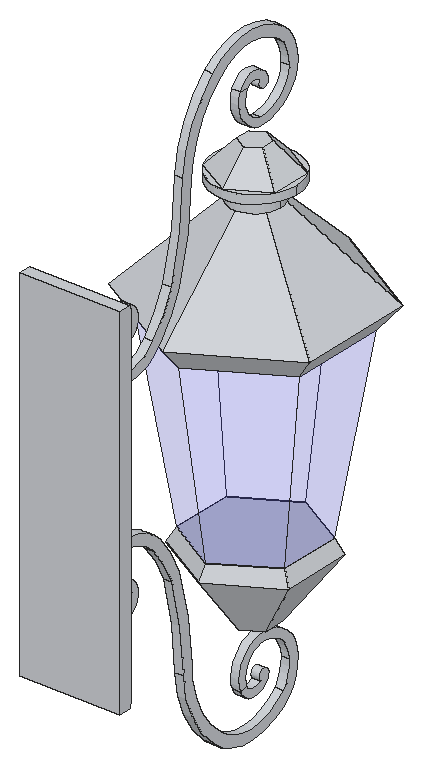
Revit family "438 exterior", category Lighting Fixtures, host Wall, Revit 2014
Parameters
  Wattage = 12.1178 W
  built-in parameter 1150110 = 1 (stored number, unit not read)
  built-in parameter 1114217 = 1 (stored number, unit not read)
  built-in parameter 1150109 = 1 (stored number, unit not read)
  built-in parameter 1150134 = (empty or 0)
  built-in parameter 1150113 = 1 (stored number, unit not read)
  Lumens = 1800 lm
  built-in parameter 1150115 = 1 (stored number, unit not read)
  built-in parameter 1150105 = 143.24 (stored number, unit not read)
  Light Source Symbol Size = 2' - 0"
  built-in parameter 1150137 = (empty or 0)
  built-in parameter 1150139 = (empty or 0)
  built-in parameter 1150112 = 1 (stored number, unit not read)
  built-in parameter 1150114 = 1 (stored number, unit not read)
  built-in parameter 1150132 = 2
  built-in parameter 1150102 = (empty or 0)
  built-in parameter 1150138 = (empty or 0)
  built-in parameter 1150107 = 3000 (stored number, unit not read)
  built-in parameter 1150106 = 1.4324 (stored number, unit not read)
  built-in parameter 1150104 = 13.8 (stored number, unit not read)
  Dimming Lamp Color Temperature Shift = (empty or 0)
  Color Filter = 16777215
  built-in parameter 1114218 = 1 (stored number, unit not read)
  built-in parameter 1150133 = 10 (stored number, unit not read)
Reference planes (in)
  plane 1: y = 0
  plane 2 "Light Source Axis (F/B)": y = 17
  plane 3 "Light Source Axis (L/R)": x = -1.43133
  plane 4 "Light Source Elevation": z = 72
  plane 5 "Top of Glass": z = 75.18056
  plane 6 "Bottom of Glass": z = 63.73704
  plane 7 "Widest Top": z = 76.55822
  plane 8 "Top of Cap": z = 81.79061
  plane 9 "Bottom of hex cover": z = 83.37937
  plane 10 "Bottom of cover": z = 82.86525
  plane 11 "Top of hex cover": z = 84.97661
  plane 12 "Widest - bottom": z = 62.91059
  plane 13 "Bottom of lower hex cap": z = 59.07881
Forms (in)
  Extrusion 1, solid
    sketch origin (-1.43133, 0, 0) x (0, -1, 0) y (0, 0, 1)
      loop
        line (-3.86367, 82.61133) -> (-3.86367, 61.38169)
        arc (-3.86367, 61.38169) -> (-3.7771, 61.26558) -> (-3.75607, 61.12228) r 0.29562
        line (-3.75607, 61.12228) -> (-3, 61.12228) -> (-3, 82.8621) -> (-3.75495, 82.8621)
        arc (-3.75495, 82.8621) -> (-3.78501, 82.72618) -> (-3.86367, 82.61133) r 0.36579
    from 3 to -3
  Extrusion 2, solid
    sketch origin (-1.43133, 0, 0) x (0, -1, 0) y (0, 0, 1)
      loop
        line (-16.0776, 88.26494) -> (-15.54663, 88.25886)
        arc (-15.54663, 88.25886) -> (-16.35404, 88.90734) -> (-17.34866, 88.61892) r 1.12248
        arc (-17.34866, 88.61892) -> (-17.55165, 88.37352) -> (-17.64079, 88.06776) r 0.7871
        arc (-17.64079, 88.06776) -> (-17.18395, 87.74617) -> (-17.03608, 88.28492) r 0.34144
        arc (-17.03608, 88.28492) -> (-16.55315, 88.45199) -> (-16.0776, 88.26494) r 0.73725
    from 0.25 to -0.25
  Extrusion 3, solid
    sketch origin (-1.43133, 0, 0) x (0, -1, 0) y (0, 0, 1)
      loop
        arc (-16.0776, 88.26494) -> (-16.03577, 88.21268) -> (-16.00111, 88.15541) r 0.51291
        arc (-16.00111, 88.15541) -> (-15.94806, 88.03136) -> (-15.91571, 87.90038) r 0.83371
        arc (-15.91571, 87.90038) -> (-16.13022, 86.81919) -> (-17.07572, 86.25259) r 1.35914
        arc (-17.07572, 86.25259) -> (-18.54689, 86.70281) -> (-19.23725, 88.07774) r 1.95578
        arc (-19.23725, 88.07774) -> (-19.12932, 88.85633) -> (-18.78038, 89.56068) r 2.45001
        arc (-18.78038, 89.56068) -> (-16.45081, 90.59274) -> (-14.04765, 89.74603) r 3.45283
        arc (-14.04765, 89.74603) -> (-12.43062, 87.69377) -> (-11.84454, 85.1476) r 5.97163
        arc (-11.84454, 85.1476) -> (-11.56555, 82.40813) -> (-10.91494, 79.73246) r 20.11006
        arc (-10.91494, 79.73246) -> (-10.2998, 78.45749) -> (-9.47449, 77.30736) r 8.1976
        arc (-9.47449, 77.30736) -> (-7.89848, 76.32452) -> (-6.04379, 76.42395) r 3.08684
        arc (-6.04379, 76.42395) -> (-5.01731, 77.37451) -> (-4.63829, 78.7212) r 2.5786
        arc (-4.63829, 78.7212) -> (-5.42413, 80.27443) -> (-7.15076, 80.49536) r 1.85781
        arc (-7.15076, 80.49536) -> (-7.79924, 79.68794) -> (-7.51082, 78.69333) r 1.12248
        arc (-7.51082, 78.69333) -> (-7.26542, 78.49033) -> (-6.95966, 78.4012) r 0.7871
        arc (-6.95966, 78.4012) -> (-6.63807, 78.85804) -> (-7.17682, 79.00591) r 0.34144
        arc (-7.17682, 79.00591) -> (-7.34389, 79.48884) -> (-7.15685, 79.96439) r 0.73725
        arc (-7.15685, 79.96439) -> (-7.10458, 80.00622) -> (-7.04731, 80.04088) r 0.51291
        arc (-7.04731, 80.04088) -> (-6.92326, 80.09393) -> (-6.79228, 80.12628) r 0.83371
        arc (-6.79228, 80.12628) -> (-5.71109, 79.91176) -> (-5.14449, 78.96627) r 1.35914
        arc (-5.14449, 78.96627) -> (-5.59471, 77.4951) -> (-6.96964, 76.80474) r 1.95578
        arc (-6.96964, 76.80474) -> (-8.0586, 77.03189) -> (-8.93486, 77.71715) r 2.45001
        arc (-8.93486, 77.71715) -> (-9.74549, 78.79583) -> (-10.35204, 80.00113) r 7.5811
        arc (-10.35204, 80.00113) -> (-10.98648, 82.70667) -> (-11.24055, 85.47396) r 20.04045
        arc (-11.24055, 85.47396) -> (-11.90573, 88.03542) -> (-13.49996, 90.14776) r 6.7869
        arc (-13.49996, 90.14776) -> (-16.08293, 91.21947) -> (-18.76407, 90.42464) r 4.18392
        arc (-18.76407, 90.42464) -> (-19.74862, 88.93358) -> (-19.61789, 87.15159) r 2.76989
        arc (-19.61789, 87.15159) -> (-18.66733, 86.12532) -> (-17.32079, 85.74639) r 2.5786
        arc (-17.32079, 85.74639) -> (-15.76756, 86.53223) -> (-15.54663, 88.25886) r 1.85781
        line (-15.54663, 88.25886) -> (-16.0776, 88.26494)
    from 0.25 to -0.25
  Extrusion 4, solid
    sketch origin (-1.43133, 0, 0) x (0, -1, 0) y (0, 0, 1)
      loop
        line (-15.56514, 55.84234) -> (-16.01962, 55.9458)
        arc (-16.01962, 55.9458) -> (-16.05428, 55.88853) -> (-16.09611, 55.83626) r 0.51291
        arc (-16.09611, 55.83626) -> (-16.57166, 55.64921) -> (-17.05459, 55.81629) r 0.73725
        arc (-17.05459, 55.81629) -> (-17.20246, 56.35504) -> (-17.6593, 56.03345) r 0.34144
        arc (-17.6593, 56.03345) -> (-17.57017, 55.72769) -> (-17.36717, 55.48228) r 0.7871
        arc (-17.36717, 55.48228) -> (-16.37255, 55.19386) -> (-15.56514, 55.84234) r 1.12248
    from 0.25 to -0.25
  Extrusion 5, solid
    sketch origin (-1.43133, 0, 0) x (0, -1, 0) y (0, 0, 1)
      loop
        arc (-15.56514, 55.84234) -> (-15.78607, 57.56898) -> (-17.3393, 58.35481) r 1.85781
        arc (-17.3393, 58.35481) -> (-18.68584, 57.97589) -> (-19.6364, 56.94962) r 2.5786
        arc (-19.6364, 56.94962) -> (-19.76713, 55.16763) -> (-18.78258, 53.67657) r 2.76989
        arc (-18.78258, 53.67657) -> (-16.10144, 52.88174) -> (-13.51847, 53.95345) r 4.18392
        arc (-13.51847, 53.95345) -> (-11.92424, 56.06578) -> (-11.25906, 58.62725) r 6.7869
        arc (-11.25906, 58.62725) -> (-11.00499, 61.39454) -> (-10.37055, 64.10008) r 20.04045
        arc (-10.37055, 64.10008) -> (-9.764, 65.30538) -> (-8.95337, 66.38406) r 7.5811
        arc (-8.95337, 66.38406) -> (-8.07711, 67.06931) -> (-6.98816, 67.29647) r 2.45001
        arc (-6.98816, 67.29647) -> (-5.61322, 66.60611) -> (-5.163, 65.13494) r 1.95578
        arc (-5.163, 65.13494) -> (-5.7296, 64.18944) -> (-6.81079, 63.97492) r 1.35914
        arc (-6.81079, 63.97492) -> (-6.94177, 64.00727) -> (-7.06582, 64.06033) r 0.83371
        arc (-7.06582, 64.06033) -> (-7.12309, 64.09499) -> (-7.17536, 64.13682) r 0.51291
        arc (-7.17536, 64.13682) -> (-7.36241, 64.61237) -> (-7.19533, 65.0953) r 0.73725
        arc (-7.19533, 65.0953) -> (-6.65658, 65.24317) -> (-6.97817, 65.70001) r 0.34144
        arc (-6.97817, 65.70001) -> (-7.28393, 65.61087) -> (-7.52933, 65.40787) r 0.7871
        arc (-7.52933, 65.40787) -> (-7.81776, 64.41326) -> (-7.16928, 63.60585) r 1.12248
        arc (-7.16928, 63.60585) -> (-5.44264, 63.82677) -> (-4.6568, 65.38001) r 1.85781
        arc (-4.6568, 65.38001) -> (-5.03582, 66.72669) -> (-6.0623, 67.67726) r 2.5786
        arc (-6.0623, 67.67726) -> (-7.91699, 67.77669) -> (-9.493, 66.79384) r 3.08684
        arc (-9.493, 66.79384) -> (-10.31831, 65.64371) -> (-10.93345, 64.36875) r 8.1976
        arc (-10.93345, 64.36875) -> (-11.59658, 61.67113) -> (-11.86453, 58.90615) r 19.25
        line (-11.86453, 58.90615) -> (-11.92094, 58.15741)
        arc (-11.92094, 58.15741) -> (-12.63364, 56.05323) -> (-14.06616, 54.35518) r 5.97163
        arc (-14.06616, 54.35518) -> (-16.46932, 53.50847) -> (-18.79889, 54.54053) r 3.45283
        arc (-18.79889, 54.54053) -> (-19.14783, 55.24487) -> (-19.25576, 56.02346) r 2.45001
        arc (-19.25576, 56.02346) -> (-18.5654, 57.3984) -> (-17.09423, 57.84862) r 1.95578
        arc (-17.09423, 57.84862) -> (-16.14873, 57.28202) -> (-15.93422, 56.20083) r 1.35914
        arc (-15.93422, 56.20083) -> (-15.96657, 56.06985) -> (-16.01962, 55.9458) r 0.83371
        line (-16.01962, 55.9458) -> (-15.56514, 55.84234)
    from 0.25 to -0.25
  Blend 6, solid, material "Glass"
    base sketch origin (0, 0, 75.18056) x (-1, 0, 0) y (0, -1, 0)
      loop
        line (1.43133, -22.75) -> (6.41097, -19.875) -> (6.41097, -14.125) -> (1.43133, -11.25) -> (-3.54832, -14.125) -> (-3.54832, -19.875) -> (1.43133, -22.75)
    top sketch origin (0, 0, 63.73704) x (-1, 0, 0) y (0, -1, 0)
      loop
        line (1.43133, -20.75) -> (4.67892, -18.875) -> (4.67892, -15.125) -> (1.43133, -13.25) -> (-1.81627, -15.125) -> (-1.81627, -18.875) -> (1.43133, -20.75)
    from 0 to 0
  Blend 7, solid
    base sketch origin (0, 0, 75.18056) x (-1, 0, 0) y (0, -1, 0)
      loop
        line (-3.54832, -19.875) -> (1.43133, -22.75) -> (6.41097, -19.875) -> (6.41097, -14.125) -> (1.43133, -11.25) -> (-3.54832, -14.125) -> (-3.54832, -19.875)
    top sketch origin (0, 0, 76.55822) x (0, 1, 0) y (-1, 0, 0)
      loop
        line (24, 1.43133) -> (20.5, 7.4935) -> (13.5, 7.4935) -> (10, 1.43133) -> (13.5, -4.63085) -> (20.5, -4.63085) -> (24, 1.43133)
    from 0 to 0
  Blend 8, solid
    base sketch origin (0, 0, 76.55822) x (0, 1, 0) y (-1, 0, 0)
      loop
        line (20.5, -4.63085) -> (24, 1.43133) -> (20.5, 7.4935) -> (13.5, 7.4935) -> (10, 1.43133) -> (13.5, -4.63085) -> (20.5, -4.63085)
    top sketch origin (0, 0, 81.79061) x (-1, 0, 0) y (0, -1, 0)
      loop
        line (1.43133, -18.5) -> (2.73036, -17.75) -> (2.73036, -16.25) -> (1.43133, -15.5) -> (0.13229, -16.25) -> (0.13229, -17.75) -> (1.43133, -18.5)
    from 0 to 0
  Blend 9, solid
    base sketch origin (0, 0, 83.37937) x (-1, 0, 0) y (0, -1, 0)
      loop
        line (1.43133, -19.5) -> (3.59639, -18.25) -> (3.59639, -15.75) -> (1.43133, -14.5) -> (-0.73374, -15.75) -> (-0.73374, -18.25) -> (1.43133, -19.5)
    top sketch origin (0, 0, 84.97661) x (-1, 0, 0) y (0, -1, 0)
      loop
        line (1.43133, -17.875) -> (2.1891, -17.4375) -> (2.1891, -16.5625) -> (1.43133, -16.125) -> (0.67355, -16.5625) -> (0.67355, -17.4375) -> (1.43133, -17.875)
    from 0 to 0
  Extrusion 10, solid
    sketch origin (0, 0, 81.79061) x (-1, 0, 0) y (0, -1, 0)
      loop
        circle (1.43133, -17) r 1.5
    from 0 to 1.07422
  Extrusion 11, solid
    sketch origin (0, 0, 82.86525) x (0, 1, 0) y (-1, 0, 0)
      loop
        circle (17, 1.43133) r 2.5
    from 0 to 0.5
  Blend 12, solid
    base sketch origin (0, 0, 63.73704) x (-1, 0, 0) y (0, -1, 0)
      loop
        line (1.43133, -20.75) -> (4.67892, -18.875) -> (4.67892, -15.125) -> (1.43133, -13.25) -> (-1.81627, -15.125) -> (-1.81627, -18.875) -> (1.43133, -20.75)
    top sketch origin (0, 0, 62.91059) x (0, 1, 0) y (-1, 0, 0)
      loop
        line (21.25, 1.43133) -> (19.125, 5.11193) -> (14.875, 5.11193) -> (12.75, 1.43133) -> (14.875, -2.24928) -> (19.125, -2.24928) -> (21.25, 1.43133)
    from 0 to 0
  Blend 13, solid
    base sketch origin (0, 0, 62.91059) x (0, 1, 0) y (-1, 0, 0)
      loop
        line (14.875, 5.11193) -> (12.75, 1.43133) -> (14.875, -2.24928) -> (19.125, -2.24928) -> (21.25, 1.43133) -> (19.125, 5.11193) -> (14.875, 5.11193)
    top sketch origin (0, 0, 59.07881) x (0, 1, 0) y (-1, 0, 0)
      loop
        line (18.27948, 1.43133) -> (17.63974, 2.53939) -> (16.36026, 2.53939) -> (15.72052, 1.43133) -> (16.36026, 0.32326) -> (17.63974, 0.32326) -> (18.27948, 1.43133)
    from 0 to 0
Lines and regions (in)
  Filled region 1, type "438 exterior-MIR.dwg--2", in view "Left"
    outline origin (0, 0, 0) x (0, -1, 0) y (0, 0, 1)
      loop
        line (-3.01563, 82.89335) -> (-3.73925, 82.89335) -> (-3.73925, 82.8621) -> (-3.01563, 82.8621) -> (-3.01563, 82.89335)
  model lines, style "LAYER01"
    curve 1: arc (-1.43133, 8.93486, 77.71715) -> (-1.43133, 8.0586, 77.03189) -> (-1.43133, 6.96964, 76.80474) r 2.45001
    curve 2: arc (-1.43133, 6.98816, 67.29647) -> (-1.43133, 8.07711, 67.06931) -> (-1.43133, 8.95337, 66.38406) r 2.45001
    curve 3: arc (-1.43133, 6.0623, 67.67726) -> (-1.43133, 7.91699, 67.77669) -> (-1.43133, 9.493, 66.79384) r 3.08684
    curve 4: arc (-1.43133, 9.47449, 77.30736) -> (-1.43133, 7.89848, 76.32452) -> (-1.43133, 6.04379, 76.42395) r 3.08684
    curve 5: arc (-1.43133, 6.96964, 76.80474) -> (-1.43133, 5.59471, 77.4951) -> (-1.43133, 5.14449, 78.96627) r 1.95578
    curve 6: arc (-1.43133, 6.04379, 76.42395) -> (-1.43133, 5.01731, 77.37451) -> (-1.43133, 4.63829, 78.7212) r 2.5786
    curve 7: arc (-1.43133, 5.163, 65.13494) -> (-1.43133, 5.61322, 66.60611) -> (-1.43133, 6.98816, 67.29647) r 1.95578
    curve 8: arc (-1.43133, 4.6568, 65.38001) -> (-1.43133, 5.03582, 66.72669) -> (-1.43133, 6.0623, 67.67726) r 2.5786
    curve 9: arc (-1.43133, 3.75487, 61.13827) -> (-1.43133, 3.78027, 61.27294) -> (-1.43133, 3.86367, 61.38169) r 0.29562
    curve 10: arc (-1.43133, 3.75487, 61.88375) -> (-1.43133, 3.78165, 62.01929) -> (-1.43133, 3.86367, 62.13048) r 0.31625
    curve 11: arc (-1.43133, 3.88711, 66.24468) -> (-1.43133, 4.04994, 66.41369) -> (-1.43133, 4.1884, 66.2242) r 0.15328
    curve 12: arc (-1.43133, 4.76375, 66.11587) -> (-1.43133, 4.47258, 65.96995) -> (-1.43133, 4.23365, 66.19128) r 0.28595
    curve 13: arc (-1.43133, 7.19533, 65.0953) -> (-1.43133, 6.65658, 65.24317) -> (-1.43133, 6.97817, 65.70001) r 0.34144
    curve 14: arc (-1.43133, 6.97817, 65.70001) -> (-1.43133, 7.28393, 65.61087) -> (-1.43133, 7.52933, 65.40787) r 0.7871
    curve 15: arc (-1.43133, 4.23172, 64.53276) -> (-1.43133, 4.50675, 64.77503) -> (-1.43133, 4.81934, 64.58366) r 0.30863
    curve 16: arc (-1.43133, 4.1884, 64.50838) -> (-1.43133, 4.04994, 64.31888) -> (-1.43133, 3.88711, 64.48789) r 0.15328
    curve 17: arc (-1.43133, 7.17536, 64.13682) -> (-1.43133, 7.12309, 64.09499) -> (-1.43133, 7.06582, 64.06033) r 0.51291
    curve 18: arc (-1.43133, 7.06582, 64.06033) -> (-1.43133, 6.94177, 64.00727) -> (-1.43133, 6.81079, 63.97492) r 0.83371
    curve 19: arc (-1.43133, 7.16928, 63.60585) -> (-1.43133, 5.44264, 63.82677) -> (-1.43133, 4.6568, 65.38001) r 1.85781
    curve 20: arc (-1.43133, 6.81079, 63.97492) -> (-1.43133, 5.7296, 64.18944) -> (-1.43133, 5.163, 65.13494) r 1.35914
    curve 21: arc (-1.43133, 7.19533, 65.0953) -> (-1.43133, 7.36241, 64.61237) -> (-1.43133, 7.17536, 64.13682) r 0.73725
    curve 22: arc (-1.43133, 7.52933, 65.40787) -> (-1.43133, 7.81776, 64.41326) -> (-1.43133, 7.16928, 63.60585) r 1.12248
    curve 23: arc (-1.43133, 7.15685, 79.96439) -> (-1.43133, 7.34389, 79.48884) -> (-1.43133, 7.17682, 79.00591) r 0.73725
    curve 24: arc (-1.43133, 4.80083, 79.51754) -> (-1.43133, 4.48824, 79.32618) -> (-1.43133, 4.21321, 79.56845) r 0.30863
    curve 25: arc (-1.43133, 4.16989, 77.87701) -> (-1.43133, 4.03185, 77.68754) -> (-1.43133, 3.86852, 77.85568) r 0.15328
    curve 26: arc (-1.43133, 4.21514, 77.90993) -> (-1.43133, 4.45407, 78.13126) -> (-1.43133, 4.74524, 77.98534) r 0.28595
    curve 27: arc (-1.43133, 6.95966, 78.4012) -> (-1.43133, 6.63807, 78.85804) -> (-1.43133, 7.17682, 79.00591) r 0.34144
    curve 28: arc (-1.43133, 7.51082, 78.69333) -> (-1.43133, 7.26542, 78.49033) -> (-1.43133, 6.95966, 78.4012) r 0.7871
    curve 29: arc (-1.43133, 3.86852, 79.61416) -> (-1.43133, 4.03185, 79.7823) -> (-1.43133, 4.16989, 79.59283) r 0.15328
    curve 30: arc (-1.43133, 6.79228, 80.12628) -> (-1.43133, 6.92326, 80.09393) -> (-1.43133, 7.04731, 80.04088) r 0.83371
    curve 31: arc (-1.43133, 7.04731, 80.04088) -> (-1.43133, 7.10458, 80.00622) -> (-1.43133, 7.15685, 79.96439) r 0.51291
    curve 32: arc (-1.43133, 4.63829, 78.7212) -> (-1.43133, 5.42413, 80.27443) -> (-1.43133, 7.15076, 80.49536) r 1.85781
    curve 33: arc (-1.43133, 5.14449, 78.96627) -> (-1.43133, 5.71109, 79.91176) -> (-1.43133, 6.79228, 80.12628) r 1.35914
    curve 34: arc (-1.43133, 7.15076, 80.49536) -> (-1.43133, 7.79924, 79.68794) -> (-1.43133, 7.51082, 78.69333) r 1.12248
    curve 35: arc (-1.43133, 3.86367, 80.87668) -> (-1.43133, 3.78084, 80.99037) -> (-1.43133, 3.75487, 81.12862) r 0.31949
    curve 36: arc (-1.43133, 3.83688, 82.59395) -> (-1.43133, 3.75181, 82.72462) -> (-1.43133, 3.72362, 82.87797) r 0.39704
    curve 37: arc (-1.43133, 3.85921, 82.61581) -> (-1.43133, 3.78084, 82.7362) -> (-1.43133, 3.75487, 82.87748) r 0.36579
    curve 38: arc (-1.43133, 18.87726, 61.05032) -> (-1.43133, 18.6566, 60.10008) -> (-1.43133, 18.07029, 59.3204) r 2.35865
    curve 39: arc (-1.43133, 17.09423, 57.84862) -> (-1.43133, 18.5654, 57.3984) -> (-1.43133, 19.25576, 56.02346) r 1.95578
    curve 40: arc (-1.43133, 17.3393, 58.35481) -> (-1.43133, 18.68584, 57.97589) -> (-1.43133, 19.6364, 56.94962) r 2.5786
    curve 41: arc (-1.43133, 16.56405, 59.3204) -> (-1.43133, 15.97774, 60.10008) -> (-1.43133, 15.75708, 61.05032) r 2.35865
    curve 42: arc (-1.43133, 15.98423, 59.07881) -> (-1.43133, 15.9445, 59.09514) -> (-1.43133, 15.92774, 59.1347) r 0.0565
    curve 43: arc (-1.43133, 16.46767, 58.82322) -> (-1.43133, 16.29813, 58.89582) -> (-1.43133, 16.32109, 59.07881) r 0.15328
    curve 44: arc (-1.43133, 16.50041, 58.77797) -> (-1.43133, 16.73466, 58.5006) -> (-1.43133, 16.54296, 58.19228) r 0.30863
    curve 45: arc (-1.43133, 18.07516, 58.24787) -> (-1.43133, 17.92924, 58.53904) -> (-1.43133, 18.15057, 58.77797) r 0.28595
    curve 46: arc (-1.43133, 17.36717, 55.48228) -> (-1.43133, 16.37255, 55.19386) -> (-1.43133, 15.56514, 55.84234) r 1.12248
    curve 47: arc (-1.43133, 17.05459, 55.81629) -> (-1.43133, 17.20246, 56.35504) -> (-1.43133, 17.6593, 56.03345) r 0.34144
    curve 48: arc (-1.43133, 17.05459, 55.81629) -> (-1.43133, 16.57166, 55.64921) -> (-1.43133, 16.09611, 55.83626) r 0.73725
    curve 49: arc (-1.43133, 16.01962, 55.9458) -> (-1.43133, 15.96657, 56.06985) -> (-1.43133, 15.93422, 56.20083) r 0.83371
    curve 50: arc (-1.43133, 16.09611, 55.83626) -> (-1.43133, 16.05428, 55.88853) -> (-1.43133, 16.01962, 55.9458) r 0.51291
    curve 51: arc (-1.43133, 17.6593, 56.03345) -> (-1.43133, 17.57017, 55.72769) -> (-1.43133, 17.36717, 55.48228) r 0.7871
    curve 52: arc (-1.43133, 15.93422, 56.20083) -> (-1.43133, 16.14873, 57.28202) -> (-1.43133, 17.09423, 57.84862) r 1.35914
    curve 53: arc (-1.43133, 21.53539, 62.17549) -> (-1.43133, 21.50938, 62.1219) -> (-1.43133, 21.4539, 62.10019) r 0.08175
    curve 54: arc (-1.43133, 20.33826, 61.22377) -> (-1.43133, 20.75754, 61.83833) -> (-1.43133, 21.4539, 62.10019) r 1.23401
    curve 55: arc (-1.43133, 18.33007, 59.07881) -> (-1.43133, 18.35302, 58.89582) -> (-1.43133, 18.18349, 58.82322) r 0.15328
    curve 56: arc (-1.43133, 18.70426, 59.1346) -> (-1.43133, 18.68747, 59.09511) -> (-1.43133, 18.64777, 59.07881) r 0.0565
    curve 57: arc (-1.43133, 18.87726, 61.05032) -> (-1.43133, 19.01031, 61.65001) -> (-1.43133, 19.44248, 62.08655) r 1.10747
    curve 58: arc (-1.43133, 20.33826, 61.22377) -> (-1.43133, 19.80482, 60.03189) -> (-1.43133, 18.70986, 59.3204) r 2.30748
    curve 59: arc (-1.43133, 19.25576, 56.02346) -> (-1.43133, 19.14783, 55.24487) -> (-1.43133, 18.79889, 54.54053) r 2.45001
    curve 60: arc (-1.43133, 19.6364, 56.94962) -> (-1.43133, 19.76713, 55.16763) -> (-1.43133, 18.78258, 53.67657) r 2.76989
    curve 61: arc (-1.43133, 16.11183, 64.51941) -> (-1.43133, 16.01715, 64.55605) -> (-1.43133, 15.97182, 64.6469) r 0.14063
    curve 62: arc (-1.43133, 19.75532, 64.51941) -> (-1.43133, 19.69755, 64.54493) -> (-1.43133, 19.67753, 64.60483) r 0.07812
    curve 63: arc (-1.43133, 21.07595, 64.58392) -> (-1.43133, 21.04922, 64.53767) -> (-1.43133, 20.99903, 64.51941) r 0.07812
    curve 64: arc (-1.43133, 20.86402, 64.58392) -> (-1.43133, 20.83728, 64.53767) -> (-1.43133, 20.78709, 64.51941) r 0.07812
    curve 65: arc (-1.43133, 21.48575, 63.73704) -> (-1.43133, 21.5546, 63.70852) -> (-1.43133, 21.58312, 63.63967) r 0.09737
    curve 66: arc (-1.43133, 21.58312, 63.24303) -> (-1.43133, 21.99602, 62.89944) -> (-1.43133, 21.56709, 62.57608) r 0.34266
    curve 67: arc (-1.43133, 19.44826, 63.2498) -> (-1.43133, 19.69981, 62.91464) -> (-1.43133, 19.46147, 62.56995) r 0.3584
    curve 68: arc (-1.43133, 18.69792, 64.6469) -> (-1.43133, 18.65259, 64.55605) -> (-1.43133, 18.55791, 64.51941) r 0.14063
    curve 69: arc (-1.43133, 19.42651, 74.05878) -> (-1.43133, 19.53048, 74.01283) -> (-1.43133, 19.56652, 73.90502) r 0.14063
    curve 70: arc (-1.43133, 20.55785, 73.98795) -> (-1.43133, 20.58304, 74.03842) -> (-1.43133, 20.63564, 74.05878) r 0.07812
    curve 71: arc (-1.43133, 22.44871, 74.05878) -> (-1.43133, 22.50857, 74.03085) -> (-1.43133, 22.52564, 73.96704) r 0.07813
    curve 72: arc (-1.43133, 22.65978, 74.05878) -> (-1.43133, 22.71964, 74.03085) -> (-1.43133, 22.73671, 73.96704) r 0.07812
    curve 73: arc (-1.43133, 23.81757, 75.28994) -> (-1.43133, 23.77998, 75.19317) -> (-1.43133, 23.67694, 75.18056) r 0.10108
    curve 74: arc (-1.43133, 9.493, 66.79384) -> (-1.43133, 10.31831, 65.64371) -> (-1.43133, 10.93345, 64.36875) r 8.1976
    curve 75: arc (-1.43133, 13.18775, 62.10019) -> (-1.43133, 13.13236, 62.12182) -> (-1.43133, 13.10627, 62.17525) r 0.08175
    curve 76: arc (-1.43133, 13.18775, 62.10019) -> (-1.43133, 13.88068, 61.8375) -> (-1.43133, 14.29607, 61.2238) r 1.22725
    curve 77: arc (-1.43133, 15.18386, 62.56733) -> (-1.43133, 14.9378, 62.91059) -> (-1.43133, 15.18941, 63.2498) r 0.3584
    curve 78: arc (-1.43133, 14.99221, 64.60483) -> (-1.43133, 14.97219, 64.54493) -> (-1.43133, 14.91443, 64.51941) r 0.07812
    curve 79: arc (-1.43133, 14.99221, 64.60483) -> (-1.43133, 14.97219, 64.54493) -> (-1.43133, 14.91443, 64.51941) r 0.07812
    curve 80: arc (-1.43133, 14.99221, 64.60483) -> (-1.43133, 14.97219, 64.54493) -> (-1.43133, 14.91443, 64.51941) r 0.07812
    curve 81: arc (-1.43133, 13.04521, 63.63967) -> (-1.43133, 13.07373, 63.70852) -> (-1.43133, 13.14259, 63.73704) r 0.09737
    curve 82: arc (-1.43133, 13.60574, 64.51941) -> (-1.43133, 13.55569, 64.53754) -> (-1.43133, 13.52887, 64.58354) r 0.07812
    curve 83: arc (-1.43133, 13.81727, 64.51941) -> (-1.43133, 13.76722, 64.53754) -> (-1.43133, 13.74041, 64.58354) r 0.07812
    curve 84: arc (-1.43133, 9.8659, 62.75232) -> (-1.43133, 10.17368, 62.73894) -> (-1.43133, 10.46549, 62.64018) r 1.09256
    curve 85: arc (-1.43133, 10.38711, 61.96866) -> (-1.43133, 9.47689, 61.94709) -> (-1.43133, 9.89687, 62.75492) r 0.52882
    curve 86: arc (-1.43133, 10.13697, 62.09952) -> (-1.43133, 9.71096, 62.1052) -> (-1.43133, 9.9249, 62.47363) r 0.24675
    curve 87: arc (-1.43133, 8.95337, 66.38406) -> (-1.43133, 9.764, 65.30538) -> (-1.43133, 10.37055, 64.10008) r 7.5811
    curve 88: arc (-1.43133, 9.9249, 62.47363) -> (-1.43133, 10.4547, 62.39133) -> (-1.43133, 10.88352, 62.0695) r 1.10583
    curve 89: arc (-1.43133, 10.37055, 64.10008) -> (-1.43133, 11.00499, 61.39454) -> (-1.43133, 11.25906, 58.62725) r 20.04045
    curve 90: arc (-1.43133, 10.93345, 64.36875) -> (-1.43133, 11.59658, 61.67113) -> (-1.43133, 11.86453, 58.90615) r 19.25
    curve 91: arc (-1.43133, 10.13697, 62.09952) -> (-1.43133, 10.25433, 62.19019) -> (-1.43133, 10.39268, 62.13676) r 0.15105
    curve 92: arc (-1.43133, 11.13959, 59.16116) -> (-1.43133, 10.81334, 59.04703) -> (-1.43133, 10.48203, 59.14553) r 0.56168
    curve 93: arc (-1.43133, 10.9573, 59.61004) -> (-1.43133, 10.88451, 59.47992) -> (-1.43133, 10.74227, 59.43517) r 0.20201
    curve 94: arc (-1.43133, 10.39268, 62.13676) -> (-1.43133, 10.96765, 60.9388) -> (-1.43133, 10.9573, 59.61004) r 2.94408
    curve 95: arc (-1.43133, 10.38711, 61.96866) -> (-1.43133, 10.46384, 61.97953) -> (-1.43133, 10.53349, 61.94557) r 0.13231
    curve 96: arc (-1.43133, 10.3644, 59.51354) -> (-1.43133, 10.3883, 59.55533) -> (-1.43133, 10.43642, 59.55402) r 0.04688
    curve 97: arc (-1.43133, 10.74227, 59.43517) -> (-1.43133, 10.58351, 59.47958) -> (-1.43133, 10.43642, 59.55402) r 0.84343
    curve 98: arc (-1.43133, 10.47785, 59.14979) -> (-1.43133, 10.39525, 59.32359) -> (-1.43133, 10.3644, 59.51354) r 0.68319
    curve 99: arc (-1.43133, 12.34799, 59.84269) -> (-1.43133, 12.15109, 59.93227) -> (-1.43133, 12.01792, 60.10275) r 0.45435
    curve 100: arc (-1.43133, 12.68418, 58.96174) -> (-1.43133, 12.38663, 59.04157) -> (-1.43133, 12.1232, 59.20129) r 1.09256
    curve 101: arc (-1.43133, 12.49, 59.50638) -> (-1.43133, 12.06229, 59.62673) -> (-1.43133, 11.85615, 60.02033) r 0.56119
    curve 102: arc (-1.43133, 11.85751, 59.13702) -> (-1.43133, 11.97628, 59.22734) -> (-1.43133, 12.1232, 59.20129) r 0.18596
    curve 103: arc (-1.43133, 11.13959, 59.16116) -> (-1.43133, 11.20084, 59.16659) -> (-1.43133, 11.24203, 59.12093) r 0.06889
    curve 104: arc (-1.43133, 12.01792, 60.10275) -> (-1.43133, 11.79838, 60.87742) -> (-1.43133, 11.5989, 61.6575) r 31.19941
    curve 105: circle (-1.43133, 12.73987, 59.48761) r 0.25058 normal (-1, 0, 0)
    curve 106: arc (-1.43133, 10.71797, 62.82918) -> (-1.43133, 10.64411, 62.66471) -> (-1.43133, 10.46549, 62.64018) r 0.18596
    curve 107: arc (-1.43133, 12.34799, 59.84269) -> (-1.43133, 13.23926, 59.66156) -> (-1.43133, 12.65339, 58.96591) r 0.52882
    curve 108: arc (-1.43133, 13.51847, 53.95345) -> (-1.43133, 11.92424, 56.06578) -> (-1.43133, 11.25906, 58.62725) r 6.7869
    curve 109: arc (-1.43133, 14.06616, 54.35518) -> (-1.43133, 12.63364, 56.05323) -> (-1.43133, 11.92094, 58.15741) r 5.97163
    curve 110: arc (-1.43133, 13.07326, 62.5773) -> (-1.43133, 12.64161, 62.87125) -> (-1.43133, 13.00136, 63.2498) r 0.34266
    curve 111: arc (-1.43133, 14.03411, 74.05878) -> (-1.43133, 14.08671, 74.03842) -> (-1.43133, 14.11189, 73.98795) r 0.07812
    curve 112: arc (-1.43133, 15.10323, 73.90502) -> (-1.43133, 15.13926, 74.01283) -> (-1.43133, 15.24324, 74.05878) r 0.14063
    curve 113: arc (-1.43133, 12.03106, 73.96666) -> (-1.43133, 12.04793, 74.0307) -> (-1.43133, 12.10792, 74.05878) r 0.07812
    curve 114: arc (-1.43133, 11.82066, 73.96666) -> (-1.43133, 11.83754, 74.0307) -> (-1.43133, 11.89752, 74.05878) r 0.07812
    curve 115: arc (-1.43133, 10.91176, 75.18056) -> (-1.43133, 10.80872, 75.19317) -> (-1.43133, 10.77113, 75.28994) r 0.10108
    curve 116: arc (-1.43133, 18.79889, 54.54053) -> (-1.43133, 16.46932, 53.50847) -> (-1.43133, 14.06616, 54.35518) r 3.45283
    curve 117: arc (-1.43133, 18.78258, 53.67657) -> (-1.43133, 16.10144, 52.88174) -> (-1.43133, 13.51847, 53.95345) r 4.18392
    curve 118: arc (-1.43133, 15.92448, 59.3204) -> (-1.43133, 14.82951, 60.0319) -> (-1.43133, 14.29607, 61.2238) r 2.30748
    curve 119: arc (-1.43133, 15.19186, 62.08655) -> (-1.43133, 15.62403, 61.65001) -> (-1.43133, 15.75708, 61.05032) r 1.10747
    curve 120: arc (-1.43133, 15.56514, 55.84234) -> (-1.43133, 15.78607, 57.56898) -> (-1.43133, 17.3393, 58.35481) r 1.85781
    curve 121: arc (-1.43133, 23.81757, 77.06474) -> (-1.43133, 24.43664, 76.59757) -> (-1.43133, 23.89317, 76.04427) r 0.51598
    curve 122: arc (-1.43133, 14.03046, 76.04427) -> (-1.43133, 13.65249, 76.55822) -> (-1.43133, 14.02812, 77.07388) r 0.54007
    curve 123: arc (-1.43133, 20.54545, 77.07415) -> (-1.43133, 20.92193, 76.55867) -> (-1.43133, 20.54396, 76.04427) r 0.54007
    curve 124: arc (-1.43133, 10.68412, 76.04427) -> (-1.43133, 10.14187, 76.61138) -> (-1.43133, 10.78671, 77.0584) r 0.51598
    curve 125: arc (-1.43133, 23.58987, 77.81051) -> (-1.43133, 22.53102, 78.19941) -> (-1.43133, 21.90319, 79.13655) r 1.82455
    curve 126: arc (-1.43133, 19.32915, 81.79061) -> (-1.43133, 19.38421, 81.76793) -> (-1.43133, 19.40731, 81.71304) r 0.07816
    curve 127: arc (-1.43133, 20.5899, 77.7949) -> (-1.43133, 19.97073, 78.25179) -> (-1.43133, 19.68984, 78.9682) r 1.38882
    curve 128: arc (-1.43133, 19.42864, 81.41705) -> (-1.43133, 20.866, 80.49391) -> (-1.43133, 21.90319, 79.13655) r 4.94199
    curve 129: arc (-1.43133, 18.44653, 81.39072) -> (-1.43133, 19.25076, 80.27316) -> (-1.43133, 19.68984, 78.9682) r 4.61889
    curve 130: arc (-1.43133, 17.84244, 84.97661) -> (-1.43133, 18.24445, 84.46785) -> (-1.43133, 18.42182, 83.84416) r 1.66629
    curve 131: arc (-1.43133, 18.16498, 85.27799) -> (-1.43133, 18.35445, 85.13995) -> (-1.43133, 18.1863, 84.97661) r 0.15328
    curve 132: arc (-1.43133, 19.61789, 87.15159) -> (-1.43133, 18.66733, 86.12532) -> (-1.43133, 17.32079, 85.74639) r 2.5786
    curve 133: arc (-1.43133, 18.14385, 84.97661) -> (-1.43133, 18.83783, 84.62373) -> (-1.43133, 19.25128, 83.96403) r 1.45801
    curve 134: arc (-1.43133, 19.23725, 88.07774) -> (-1.43133, 18.54689, 86.70281) -> (-1.43133, 17.07572, 86.25259) r 1.95578
    curve 135: arc (-1.43133, 16.00111, 88.15541) -> (-1.43133, 16.03577, 88.21268) -> (-1.43133, 16.0776, 88.26494) r 0.51291
    curve 136: arc (-1.43133, 15.91571, 87.90038) -> (-1.43133, 15.94806, 88.03136) -> (-1.43133, 16.00111, 88.15541) r 0.83371
    curve 137: arc (-1.43133, 16.0776, 88.26494) -> (-1.43133, 16.55315, 88.45199) -> (-1.43133, 17.03608, 88.28492) r 0.73725
    curve 138: arc (-1.43133, 17.34866, 88.61892) -> (-1.43133, 17.55165, 88.37352) -> (-1.43133, 17.64079, 88.06776) r 0.7871
    curve 139: arc (-1.43133, 16.17438, 83.84416) -> (-1.43133, 16.35175, 84.46785) -> (-1.43133, 16.75376, 84.97661) r 1.66629
    curve 140: arc (-1.43133, 16.17438, 83.84416) -> (-1.43133, 16.12417, 83.60014) -> (-1.43133, 16.03921, 83.36594) r 1.71813
    curve 141: arc (-1.43133, 16.42783, 84.97661) -> (-1.43133, 16.25969, 85.13995) -> (-1.43133, 16.44916, 85.27799) r 0.15328
    curve 142: arc (-1.43133, 16.52445, 85.90893) -> (-1.43133, 16.71615, 85.60061) -> (-1.43133, 16.4819, 85.32324) r 0.30863
    curve 143: arc (-1.43133, 18.13206, 85.32324) -> (-1.43133, 17.91073, 85.56217) -> (-1.43133, 18.05665, 85.85334) r 0.28595
    curve 144: arc (-1.43133, 17.07572, 86.25259) -> (-1.43133, 16.13022, 86.81919) -> (-1.43133, 15.91571, 87.90038) r 1.35914
    curve 145: arc (-1.43133, 17.64079, 88.06776) -> (-1.43133, 17.18395, 87.74617) -> (-1.43133, 17.03608, 88.28492) r 0.34144
    curve 146: arc (-1.43133, 18.78038, 89.56068) -> (-1.43133, 19.12932, 88.85633) -> (-1.43133, 19.23725, 88.07774) r 2.45001
    curve 147: arc (-1.43133, 19.77812, 83.37937) -> (-1.43133, 19.45637, 83.61914) -> (-1.43133, 19.25128, 83.96403) r 1.02536
    curve 148: arc (-1.43133, 18.55105, 83.37937) -> (-1.43133, 18.47004, 83.60721) -> (-1.43133, 18.42182, 83.84416) r 1.71813
    curve 149: arc (-1.43133, 18.76407, 90.42464) -> (-1.43133, 19.74862, 88.93358) -> (-1.43133, 19.61789, 87.15159) r 2.76989
    curve 150: arc (-1.43133, 23.60777, 77.7949) -> (-1.43133, 23.69252, 77.76181) -> (-1.43133, 23.73243, 77.68005) r 0.12508
    curve 151: arc (-1.43133, 15.17578, 81.71314) -> (-1.43133, 15.19892, 81.76796) -> (-1.43133, 15.25394, 81.79061) r 0.07816
    curve 152: arc (-1.43133, 14.88968, 78.9682) -> (-1.43133, 14.60879, 78.25179) -> (-1.43133, 13.98961, 77.7949) r 1.38882
    curve 153: arc (-1.43133, 15.34231, 83.95515) -> (-1.43133, 15.13293, 83.61093) -> (-1.43133, 14.80709, 83.37396) r 1.02523
    curve 154: arc (-1.43133, 10.86501, 82.03171) -> (-1.43133, 10.43619, 81.70987) -> (-1.43133, 9.90639, 81.62757) r 1.10583
    curve 155: arc (-1.43133, 10.44698, 81.46103) -> (-1.43133, 10.15517, 81.36227) -> (-1.43133, 9.84739, 81.34889) r 1.09256
    curve 156: arc (-1.43133, 9.87835, 81.34629) -> (-1.43133, 9.45838, 82.15412) -> (-1.43133, 10.3686, 82.13254) r 0.52882
    curve 157: arc (-1.43133, 9.90639, 81.62757) -> (-1.43133, 9.69245, 81.99601) -> (-1.43133, 10.11846, 82.00168) r 0.24675
    curve 158: arc (-1.43133, 10.35204, 80.00113) -> (-1.43133, 9.74549, 78.79583) -> (-1.43133, 8.93486, 77.71715) r 7.5811
    curve 159: arc (-1.43133, 10.91494, 79.73246) -> (-1.43133, 10.2998, 78.45749) -> (-1.43133, 9.47449, 77.30736) r 8.1976
    curve 160: arc (-1.43133, 10.93879, 84.49116) -> (-1.43133, 10.94914, 83.16241) -> (-1.43133, 10.37417, 81.96444) r 2.94408
    curve 161: arc (-1.43133, 11.24055, 85.47396) -> (-1.43133, 10.98648, 82.70667) -> (-1.43133, 10.35204, 80.00113) r 20.04045
    curve 162: arc (-1.43133, 11.84454, 85.1476) -> (-1.43133, 11.56555, 82.40813) -> (-1.43133, 10.91494, 79.73246) r 20.11006
    curve 163: arc (-1.43133, 10.37417, 81.96444) -> (-1.43133, 10.23582, 81.91102) -> (-1.43133, 10.11846, 82.00168) r 0.15105
    curve 164: arc (-1.43133, 10.44698, 81.46103) -> (-1.43133, 10.6256, 81.4365) -> (-1.43133, 10.69946, 81.27203) r 0.18596
    curve 165: arc (-1.43133, 10.51498, 82.15564) -> (-1.43133, 10.44533, 82.12167) -> (-1.43133, 10.3686, 82.13254) r 0.13231
    curve 166: arc (-1.43133, 12.67634, 79.13658) -> (-1.43133, 12.04542, 78.1994) -> (-1.43133, 10.98469, 77.81051) r 1.83209
    curve 167: arc (-1.43133, 10.83587, 77.67968) -> (-1.43133, 10.87568, 77.76168) -> (-1.43133, 10.96056, 77.7949) r 0.12508
    curve 168: arc (-1.43133, 10.46352, 84.95567) -> (-1.43133, 10.79483, 85.05418) -> (-1.43133, 11.12108, 84.94005) r 0.56168
    curve 169: arc (-1.43133, 10.72376, 84.66603) -> (-1.43133, 10.866, 84.62129) -> (-1.43133, 10.93879, 84.49116) r 0.20201
    curve 170: arc (-1.43133, 10.41791, 84.54719) -> (-1.43133, 10.565, 84.62163) -> (-1.43133, 10.72376, 84.66603) r 0.84343
    curve 171: arc (-1.43133, 10.41791, 84.54719) -> (-1.43133, 10.36979, 84.54588) -> (-1.43133, 10.34589, 84.58767) r 0.04688
    curve 172: arc (-1.43133, 10.34589, 84.58767) -> (-1.43133, 10.37674, 84.77761) -> (-1.43133, 10.45934, 84.95142) r 0.68319
    curve 173: circle (-1.43133, 12.72136, 84.61359) r 0.25058 normal (-1, 0, 0)
    curve 174: arc (-1.43133, 11.54877, 82.3118) -> (-1.43133, 11.76229, 83.15828) -> (-1.43133, 11.99941, 83.99846) r 31.19941
    curve 175: arc (-1.43133, 11.22352, 84.98028) -> (-1.43133, 11.18233, 84.93462) -> (-1.43133, 11.12108, 84.94005) r 0.06889
    curve 176: arc (-1.43133, 11.83764, 84.08088) -> (-1.43133, 12.04378, 84.47448) -> (-1.43133, 12.47148, 84.59483) r 0.56119
    curve 177: arc (-1.43133, 11.99941, 83.99846) -> (-1.43133, 12.13257, 84.16894) -> (-1.43133, 12.32948, 84.25851) r 0.45435
    curve 178: arc (-1.43133, 12.10469, 84.89992) -> (-1.43133, 11.9565, 84.87418) -> (-1.43133, 11.83774, 84.96648) r 0.18596
    curve 179: arc (-1.43133, 12.10469, 84.89992) -> (-1.43133, 12.36812, 85.05964) -> (-1.43133, 12.66567, 85.13947) r 1.09256
    curve 180: arc (-1.43133, 12.67634, 79.13658) -> (-1.43133, 13.71357, 80.49396) -> (-1.43133, 15.15099, 81.4171) r 4.94199
    curve 181: arc (-1.43133, 12.63488, 85.13529) -> (-1.43133, 13.22075, 84.43965) -> (-1.43133, 12.32948, 84.25851) r 0.52882
    curve 182: arc (-1.43133, 11.24055, 85.47396) -> (-1.43133, 11.90573, 88.03542) -> (-1.43133, 13.49996, 90.14776) r 6.7869
    curve 183: arc (-1.43133, 11.84454, 85.1476) -> (-1.43133, 12.43062, 87.69377) -> (-1.43133, 14.04765, 89.74603) r 5.97163
    curve 184: arc (-1.43133, 14.88968, 78.9682) -> (-1.43133, 15.32876, 80.27316) -> (-1.43133, 16.13298, 81.39072) r 4.61889
    curve 185: arc (-1.43133, 14.04765, 89.74603) -> (-1.43133, 16.45081, 90.59274) -> (-1.43133, 18.78038, 89.56068) r 3.45283
    curve 186: line (-1.43133, 3.83242, 82.60488) -> (-1.43133, 3.86367, 82.60488)
    curve 187: line (-1.43133, 3.86367, 82.60488) -> (-1.43133, 3.86367, 61.38169)
    curve 188: line (-1.43133, 3.03125, 82.87772) -> (-1.43133, 3, 82.87772)
    curve 189: line (-1.43133, 3, 82.87772) -> (-1.43133, 3, 61.12228)
    curve 190: line (-1.43133, 3, 61.12228) -> (-1.43133, 3.75487, 61.12228)
    curve 191: line (-1.43133, 3.75487, 61.12228) -> (-1.43133, 3.75487, 82.87772)
    curve 192: line (-1.43133, 3.75487, 82.87772) -> (-1.43133, 3.72362, 82.87797)
    curve 193: line (-1.43133, 3.72362, 82.87797) -> (-1.43133, 3.75487, 82.87772)
    curve 194: line (-1.43133, 3.75486, 61.89918) -> (-1.43133, 3, 61.89918)
    curve 195: line (-1.43133, 3.88711, 64.46654) -> (-1.43133, 3.88711, 65.36629)
    curve 196: line (-1.43133, 3.88711, 65.36629) -> (-1.43133, 3.88711, 66.22661)
    curve 197: line (-1.43133, 4.23365, 64.54112) -> (-1.43133, 4.23365, 66.19873)
    curve 198: line (-1.43133, 4.23365, 66.19873) -> (-1.43133, 4.1884, 66.2242)
    curve 199: line (-1.43133, 4.1884, 64.50838) -> (-1.43133, 4.23172, 64.53276)
    curve 200: line (-1.43133, 4.16082, 64.37806) -> (-1.43133, 4.16082, 66.35451)
    curve 201: line (-1.43133, 4.1423, 79.72315) -> (-1.43133, 4.1423, 77.74669)
    curve 202: line (-1.43133, 3.86852, 77.85568) -> (-1.43133, 3.86852, 78.71521)
    curve 203: line (-1.43133, 3.86852, 78.71521) -> (-1.43133, 3.86852, 79.61416)
    curve 204: line (-1.43133, 4.21514, 79.56009) -> (-1.43133, 4.21514, 77.90248)
    curve 205: line (-1.43133, 4.21514, 77.90248) -> (-1.43133, 4.16989, 77.87701)
    curve 206: line (-1.43133, 4.16989, 79.59283) -> (-1.43133, 4.21321, 79.56845)
    curve 207: line (-1.43133, 3.75487, 81.14452) -> (-1.43133, 3, 81.14452)
    curve 208: line (-1.43133, 3.73925, 82.8621) -> (-1.43133, 3.01563, 82.8621)
    curve 209: line (-1.43133, 3.01563, 82.8621) -> (-1.43133, 3.01563, 82.89335)
    curve 210: line (-1.43133, 3.01563, 82.89335) -> (-1.43133, 3.73925, 82.89335)
    curve 211: line (-1.43133, 3.73925, 82.89335) -> (-1.43133, 3.73925, 82.8621)
    curve 212: line (-1.43133, 3.83688, 82.59395) -> (-1.43133, 3.85921, 82.61581)
    curve 213: line (-1.43133, 20.54545, 77.05884) -> (-1.43133, 20.54545, 77.7949)
    curve 214: line (-1.43133, 23.78343, 77.05899) -> (-1.43133, 23.73243, 77.68005)
    curve 215: line (-1.43133, 14.01725, 77.05854) -> (-1.43133, 14.01725, 77.7949)
    curve 216: line (-1.43133, 10.83587, 77.67968) -> (-1.43133, 10.78671, 77.0584)
    curve 217: line (-1.43133, 10.78671, 77.0584) -> (-1.43133, 23.81757, 77.05899)
    curve 218: line (-1.43133, 20.8631, 64.57948) -> (-1.43133, 22.52683, 73.9794)
    curve 219: line (-1.43133, 21.07595, 64.58392) -> (-1.43133, 22.73671, 73.96704)
    curve 220: line (-1.43133, 21.17935, 63.73704) -> (-1.43133, 23.12966, 74.75613)
    curve 221: line (-1.43133, 19.67753, 64.60483) -> (-1.43133, 20.55785, 73.98795)
    curve 222: line (-1.43133, 18.69792, 64.6469) -> (-1.43133, 19.56652, 73.90502)
    curve 223: line (-1.43133, 19.35698, 63.73704) -> (-1.43133, 20.40456, 74.75613)
    curve 224: line (-1.43133, 19.46147, 62.58117) -> (-1.43133, 19.46147, 62.10019)
    curve 225: line (-1.43133, 18.64777, 59.07881) -> (-1.43133, 15.98423, 59.07881)
    curve 226: line (-1.43133, 16.33735, 58.8508) -> (-1.43133, 18.31381, 58.8508)
    curve 227: line (-1.43133, 16.46563, 58.82684) -> (-1.43133, 16.49314, 58.77797)
    curve 228: line (-1.43133, 16.49314, 58.77797) -> (-1.43133, 18.15802, 58.77797)
    curve 229: line (-1.43133, 18.15802, 58.77797) -> (-1.43133, 18.18553, 58.82684)
    curve 230: line (-1.43133, 18.08264, 59.3204) -> (-1.43133, 18.08264, 59.07881)
    curve 231: line (-1.43133, 16.55503, 59.07881) -> (-1.43133, 16.55503, 59.3204)
    curve 232: line (-1.43133, 15.91413, 59.32351) -> (-1.43133, 15.92774, 59.1347)
    curve 233: line (-1.43133, 18.72008, 59.32347) -> (-1.43133, 18.70426, 59.1346)
    curve 234: line (-1.43133, 16.11183, 64.51941) -> (-1.43133, 18.55791, 64.51941)
    curve 235: line (-1.43133, 19.75532, 64.51941) -> (-1.43133, 20.99903, 64.51941)
    curve 236: line (-1.43133, 19.46147, 63.73704) -> (-1.43133, 19.46147, 63.24539)
    curve 237: line (-1.43133, 21.58312, 63.24303) -> (-1.43133, 21.58312, 63.63967)
    curve 238: line (-1.43133, 20.63564, 74.05878) -> (-1.43133, 22.65978, 74.05878)
    curve 239: line (-1.43133, 20.56278, 74.77028) -> (-1.43133, 20.60178, 75.18056)
    curve 240: line (-1.43133, 20.54545, 75.18056) -> (-1.43133, 20.54545, 76.04427)
    curve 241: line (-1.43133, 23.81757, 75.28994) -> (-1.43133, 23.81757, 76.04427)
    curve 242: line (-1.43133, 14.11189, 73.98795) -> (-1.43133, 14.99221, 64.60483)
    curve 243: line (-1.43133, 12.02982, 73.98266) -> (-1.43133, 13.74256, 64.57469)
    curve 244: line (-1.43133, 11.82066, 73.96666) -> (-1.43133, 13.52887, 64.58354)
    curve 245: line (-1.43133, 14.27922, 74.75613) -> (-1.43133, 15.31463, 63.71996)
    curve 246: line (-1.43133, 15.18386, 62.58117) -> (-1.43133, 15.18386, 62.10019)
    curve 247: line (-1.43133, 21.53539, 62.17549) -> (-1.43133, 21.5675, 62.58117)
    curve 248: line (-1.43133, 21.5675, 62.58117) -> (-1.43133, 13.07294, 62.58117)
    curve 249: line (-1.43133, 13.07294, 62.58117) -> (-1.43133, 13.10627, 62.17525)
    curve 250: line (-1.43133, 15.18386, 63.73704) -> (-1.43133, 15.18386, 63.2498)
    curve 251: line (-1.43133, 13.04521, 63.63967) -> (-1.43133, 13.04521, 63.2498)
    curve 252: line (-1.43133, 13.60574, 64.51941) -> (-1.43133, 14.91443, 64.51941)
    curve 253: line (-1.43133, 11.70627, 60.94402) -> (-1.43133, 11.85615, 60.02033)
    curve 254: line (-1.43133, 14.08077, 75.18056) -> (-1.43133, 14.11926, 74.7703)
    curve 255: line (-1.43133, 14.01725, 75.18056) -> (-1.43133, 14.01725, 76.04862)
    curve 256: line (-1.43133, 10.77113, 75.28994) -> (-1.43133, 10.77113, 76.04427)
    curve 257: line (-1.43133, 11.13642, 75.18056) -> (-1.43133, 11.18798, 74.75613)
    curve 258: line (-1.43133, 11.18798, 74.75613) -> (-1.43133, 23.40101, 74.75613)
    curve 259: line (-1.43133, 23.40101, 74.75613) -> (-1.43133, 23.47069, 75.16229)
    curve 260: line (-1.43133, 11.89752, 74.05878) -> (-1.43133, 14.03411, 74.05878)
    curve 261: line (-1.43133, 15.10323, 73.90502) -> (-1.43133, 15.97182, 64.6469)
    curve 262: line (-1.43133, 13.18775, 62.10019) -> (-1.43133, 21.4539, 62.10019)
    curve 263: line (-1.43133, 13.14259, 63.73704) -> (-1.43133, 21.48575, 63.73704)
    curve 264: line (-1.43133, 10.91176, 75.18056) -> (-1.43133, 23.67694, 75.18056)
    curve 265: line (-1.43133, 23.89317, 76.04427) -> (-1.43133, 10.68412, 76.04427)
    curve 266: line (-1.43133, 15.24324, 74.05878) -> (-1.43133, 19.42651, 74.05878)
    curve 267: line (-1.43133, 13.00136, 63.2498) -> (-1.43133, 21.58312, 63.2498)
    curve 268: line (-1.43133, 11.42952, 74.75613) -> (-1.43133, 13.43556, 63.73704)
    curve 269: line (-1.43133, 15.80198, 81.79061) -> (-1.43133, 15.80198, 82.86525)
    curve 270: line (-1.43133, 18.78111, 82.86525) -> (-1.43133, 18.78111, 81.79061)
    curve 271: line (-1.43133, 16.15466, 81.39072) -> (-1.43133, 16.15466, 81.79061)
    curve 272: line (-1.43133, 18.41976, 81.79061) -> (-1.43133, 18.41976, 81.39072)
    curve 273: line (-1.43133, 16.31884, 85.2504) -> (-1.43133, 18.2953, 85.2504)
    curve 274: line (-1.43133, 16.42783, 84.97661) -> (-1.43133, 17.32678, 84.97661)
    curve 275: line (-1.43133, 17.32678, 84.97661) -> (-1.43133, 18.1863, 84.97661)
    curve 276: line (-1.43133, 16.44712, 85.27436) -> (-1.43133, 16.47463, 85.32324)
    curve 277: line (-1.43133, 16.47463, 85.32324) -> (-1.43133, 18.13951, 85.32324)
    curve 278: line (-1.43133, 18.13951, 85.32324) -> (-1.43133, 18.16702, 85.27436)
    curve 279: line (-1.43133, 16.02371, 82.86525) -> (-1.43133, 16.03962, 83.37937)
    curve 280: line (-1.43133, 18.55855, 82.86525) -> (-1.43133, 18.54264, 83.37937)
    curve 281: line (-1.43133, 19.40731, 81.71304) -> (-1.43133, 19.43054, 81.39072)
    curve 282: line (-1.43133, 19.43054, 81.39072) -> (-1.43133, 15.14878, 81.39072)
    curve 283: line (-1.43133, 15.14878, 81.39072) -> (-1.43133, 15.17578, 81.71314)
    curve 284: line (-1.43133, 14.81867, 83.37937) -> (-1.43133, 19.77488, 83.37937)
    curve 285: line (-1.43133, 19.77488, 83.37937) -> (-1.43133, 19.80312, 82.86525)
    curve 286: line (-1.43133, 19.80312, 82.86525) -> (-1.43133, 14.77914, 82.86525)
    curve 287: line (-1.43133, 14.77914, 82.86525) -> (-1.43133, 14.80709, 83.37396)
    curve 288: line (-1.43133, 11.60942, 82.67443) -> (-1.43133, 11.83764, 84.08088)
    curve 289: line (-1.43133, 23.60777, 77.7949) -> (-1.43133, 10.96056, 77.7949)
    curve 290: line (-1.43133, 15.25394, 81.79061) -> (-1.43133, 19.32915, 81.79061)
    curve 291: arc (-1.43133, 13.49996, 90.14776) -> (-1.43133, 16.08293, 91.21947) -> (-1.43133, 18.76407, 90.42464) r 4.18392
    curve 292: arc (-1.43133, 15.54663, 88.25886) -> (-1.43133, 16.35404, 88.90734) -> (-1.43133, 17.34866, 88.61892) r 1.12248
    curve 293: arc (-1.43133, 15.34231, 83.95515) -> (-1.43133, 15.75496, 84.6206) -> (-1.43133, 16.45235, 84.97661) r 1.45801
    curve 294: arc (-1.43133, 17.32079, 85.74639) -> (-1.43133, 15.76756, 86.53223) -> (-1.43133, 15.54663, 88.25886) r 1.85781
  model lines, style "0"
    curve 295: line (-1.43133, 3.88711, 66.24468) -> (-1.43133, 3.88711, 64.48789)
    curve 296: line (-1.43133, 15.92448, 59.3204) -> (-1.43133, 18.70986, 59.3204)
  model lines
    curve 297: line (-1.43133, 16.0776, 88.26494) -> (-1.43133, 15.54663, 88.25886)
    curve 298: line (-1.43133, 15.56514, 55.84234) -> (-1.43133, 16.01962, 55.9458)
    curve 299: line (-1.43133, 11.92094, 58.15741) -> (-1.43133, 11.86453, 58.90615)
Text (in)
  text "Placement Side" at (0, 40.15149, 123.01588), in view "Right"
  text "Placement Side" at (-70.3804, 28.46503, 0), in view "Ref. Level"
  text "Placement Side" at (0, 85.69064, 140.59947), in view "Left"
Dimensions and locks (in)
  aligned: level to host wall
  aligned and locked: plane 3 "Light Source Axis (L/R)" to imposter light
  aligned and locked: plane 2 "Light Source Axis (F/B)" to imposter light
  aligned and locked: plane 4 "Light Source Elevation" to imposter light
